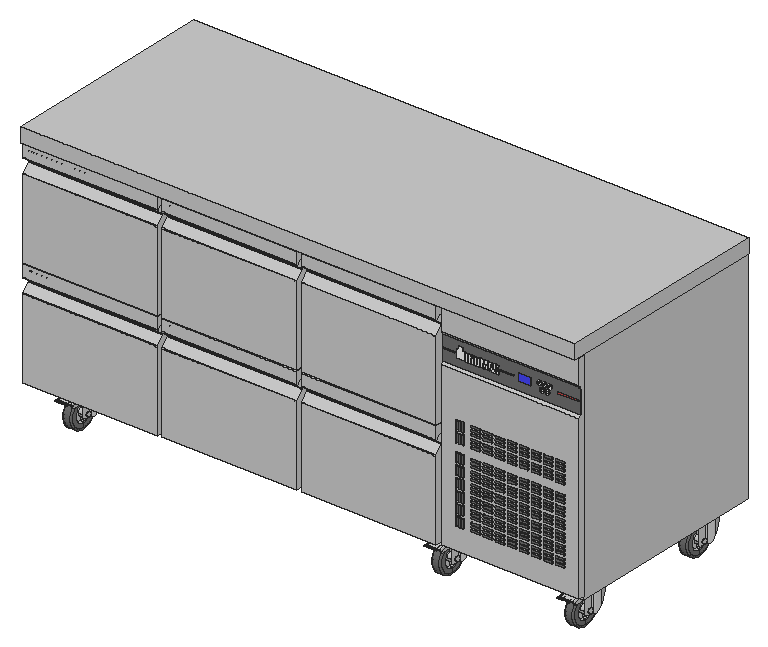
Revit family "QF_INOMAK_PNRP999_250513020157", category Specialty Equipment, Revit 2021
Family settings
  Round Connector Dimension = Use Diameter
  Part Type = Normal
  OmniClass Number = 23.40.40.14
  OmniClass Title = Food Service Equipment
  Work Plane-Based = No
  Always vertical = Yes
  Cut with Voids When Loaded = No
  Shared = No
  Room Calculation Point = No
Parameters (values of type "PNRP999")
  Weight [instance] = 133.00 kg
  Warranty Start Date [instance] = ""
  Warranty Duration [instance] = ""
  Volts [instance] = 230 V
  Volt Free Conn [instance] = no
  URL Recommended Spares List [instance] = ""
  URL Manufacturer [instance] = ""
  URL Cutsheet [instance] = ""
  URL Critical Spares List [instance] = ""
  URL = "www.inomak.com"
  Technical Documentation [instance] = ""
  Tag Number [instance] = ""
  Status [instance] = ""
  Start Up Current [instance] = 0 A
  Specification by User [instance] = ""
  Specification by Manufacturer [instance] = ""
  Sound Level [instance] = ""
  Show Logo [instance] = yes
  Show Clearances [instance] = yes
  Service Life Duration [instance] = ""
  Serial Number [instance] = ""
  Seismic Rating [instance] = ""
  SMACNA No [instance] = ""
  Revision Code [instance] = ""
  Revision [instance] = ""
  Production Year [instance] = ""
  Potential Equalisation [instance] = no
  Point Load [instance] = 0
  Phase [instance] = 1
  Other Equipment Approvals [instance] = ""
  Operational Current [instance] = 0 A
  Number of Poles [instance] = 2
  No Load Power Draw [instance] = no
  NAFEM Spec ID Number [instance] = ""
  Model Warning [instance] = ""
  Model = "PNRP999"
  Min Ckt Ampacity [instance] = 0 A
  Max Overcurrent Protection [instance] = 10 A
  Masterspec [instance] = ""
  Manufacturer = "INOMAK"
  Main switch integrated [instance] = no
  Length Actual [instance] = 1792 mm
  Item Number [instance] = ""
  Installed By [instance] = ""
  Installation Date [instance] = ""
  Identify Quantity as Lot [instance] = no
  ID [instance] = ""
  Hygiene Approval [instance] = ""
  Height Actual [instance] = 900 mm
  HP power [instance] = ""
  Furnished By [instance] = ""
  Foodservice Equipment Identifier [instance] = no
  FL Amps [instance] = 1.49 A
  Electrical Remarks [instance] = ""
  Electric power [instance] = 340 W
  Electric Connection Type [instance] = ""
  Elec Conn RI Height [instance] = 0 mm
  Elec Conn Connection Height [instance] = 0 mm
  ETL Approved [instance] = no
  Description = "PINE REFRIGERATED COUNTER WITH 3 GN 1/1 DOORS"
  Depth Actual [instance] = 700 mm
  Default Elevation = 0 mm
  Cycle [instance] = 50 Hz
  Cost = 0
  Connection to energy optimisation system [instance] = yes
  Conn Plug [instance] = ""
  Conn Conduit [instance] = no
  Centralized building control system with digital interface [instance] = ""
  CSI MasterFormat [instance] = ""
  CE Approved [instance] = no
  Barcode [instance] = 0
  Author [instance] = ""
  Asset Identifier [instance] = ""
  Apparent Power [instance] = 340 VA
  Accessory [instance] = no
Reference planes
  plane 1 "Center (Front/Back)": y = 0
  plane 2: z = 0
  plane 3 "Center (Left/Right)": x = 0
Forms (mm)
  Extrusion 1, solid, not visible
    sketch origin (1385.068, -100.005, 132.006) x (1, 0, 0) y (0, 1, 0)
      loop
        line (-2, 2) -> (-2, -2) -> (2, -2) -> (2, 2) -> (-2, 2)
    from -2 to 2
Dimensions and locks
  locked: nested 2 to Extrusion 1 at 2  (x2)
  aligned and locked: level to plane 2
Nested families
  nested 1: "QF_INOMAK_REF_COUNTERS_1790_2920" at (0, 0, 130), type "PNRP999"
    with Weight 133.00 kg, Warranty Start Date "", Warranty Duration "", URL Cutsheet "", Technical Documentation "", Tag Number "", Status "", Specification by User "", Specification by Manufacturer "", Sound Level "", Solid Fuel Type "", Show Clearances yes, Show Clearance yes, Service Life Duration "", Serial Number "", Seismic Rating "", SMACNA No "", Revision Code "", Revision "", Production Year "", Point Load 0, Other Equipment Approvals "", NAFEM Spec ID Number "", Model Warning "", Masterspec "", Length Actual 1792 mm, Item Number "", Installed By "", Installation Date "", Identify Quantity as Lot yes, ID "", Hygiene Approval "", Height Actual 900 mm, Furnished By "", Foodservice Equipment Identifier yes, Finish none, ETL Approved yes, Depth Actual 700 mm, CSI MasterFormat "", CE Approved yes, Barcode "", Author "", Asset Identifier "", Accessory no
  nested 2: "CONN_POINT_ELE_2D___Generic_Annotation" at (1385.068, -100.005, 130.006), type "CONN_POINT_ELE_2D___Generic_Annotation"
    with Onboard connection annotation symbol visibility yes
  nested 3: "QF_INOMAK_REF_COUNTERS_DOORS_DRAWERS_6956" at (0, -700, 130), type "DW-2-710"
    with Weight 0.00 kg, Warranty Start Date "", Warranty Duration "", URL Cutsheet "", Top inset 10 mm, Technical Documentation "", Tag Number "", Status "", Specification by User "", Specification by Manufacturer "", Sound Level "", Solid Fuel Type "", Show Logo yes, Show Clearances yes, Service Life Duration "", Serial Number "", Seismic Rating "", SMACNA No "", Right panel thickness 0 mm, Revision Code "", Revision "", Rear inset 0 mm, Production Year "", Point Load 0, Plinth height 0 mm, Other Equipment Approvals "", NAFEM Spec ID Number "", Model Warning "", Masterspec "", Length Actual 435 mm, Left panel thickness 0 mm, Item Number "", Installed By "", Installation Date "", Identify Quantity as Lot yes, ID "", Hygiene Approval "", Height Actual 710 mm, Furnished By "", Front inset 10 mm, Foodservice Equipment Identifier yes, Finish none, ETL Approved yes, Doors drawers type 4, Depth Actual 80 mm, CSI MasterFormat "", CE Approved yes, Bottom inset 10 mm, Barcode "", Author "", Asset Identifier "", Accessory yes
  nested 4: "QF_INOMAK_REF_COUNTERS_DOORS_DRAWERS_16448" at (450, -700, 130), type "DW-2-710"
    with Weight 0.00 kg, Warranty Start Date "", Warranty Duration "", URL Cutsheet "", Top inset 10 mm, Technical Documentation "", Tag Number "", Status "", Specification by User "", Specification by Manufacturer "", Sound Level "", Solid Fuel Type "", Show Logo yes, Show Clearances yes, Service Life Duration "", Serial Number "", Seismic Rating "", SMACNA No "", Right panel thickness 0 mm, Revision Code "", Revision "", Rear inset 0 mm, Production Year "", Point Load 0, Plinth height 0 mm, Other Equipment Approvals "", NAFEM Spec ID Number "", Model Warning "", Masterspec "", Length Actual 435 mm, Left panel thickness 0 mm, Item Number "", Installed By "", Installation Date "", Identify Quantity as Lot yes, ID "", Hygiene Approval "", Height Actual 710 mm, Furnished By "", Front inset 10 mm, Foodservice Equipment Identifier yes, Finish none, ETL Approved yes, Doors drawers type 4, Depth Actual 80 mm, CSI MasterFormat "", CE Approved yes, Bottom inset 10 mm, Barcode "", Author "", Asset Identifier "", Accessory yes
  nested 5: "QF_INOMAK_REF_COUNTERS_DOORS_DRAWERS_25919" at (900, -700, 130), type "DW-2-710"
    with Weight 0.00 kg, Warranty Start Date "", Warranty Duration "", URL Cutsheet "", Top inset 10 mm, Technical Documentation "", Tag Number "", Status "", Specification by User "", Specification by Manufacturer "", Sound Level "", Solid Fuel Type "", Show Logo yes, Show Clearances yes, Service Life Duration "", Serial Number "", Seismic Rating "", SMACNA No "", Right panel thickness 0 mm, Revision Code "", Revision "", Rear inset 0 mm, Production Year "", Point Load 0, Plinth height 0 mm, Other Equipment Approvals "", NAFEM Spec ID Number "", Model Warning "", Masterspec "", Length Actual 435 mm, Left panel thickness 0 mm, Item Number "", Installed By "", Installation Date "", Identify Quantity as Lot yes, ID "", Hygiene Approval "", Height Actual 710 mm, Furnished By "", Front inset 10 mm, Foodservice Equipment Identifier yes, Finish none, ETL Approved yes, Doors drawers type 4, Depth Actual 80 mm, CSI MasterFormat "", CE Approved yes, Bottom inset 10 mm, Barcode "", Author "", Asset Identifier "", Accessory yes
  nested 6: "QF_INOMAK_REF_COUNTERS_WORKTOPS_35390" at (0, 0, 840), type "WTWT-1790-700"
    with Worktop without backsplash yes, Worktop with backsplash no, Worktop type 3, Worktop thickness 46 mm, Without worktop no, Weight 0.00 kg, Warranty Start Date "", Warranty Duration "", URL Cutsheet "", Technical Documentation "", Tag Number "", Status "", Specification by User "", Specification by Manufacturer "", Sound Level "", Solid Fuel Type "", Show Logo yes, Show Clearances yes, Service Life Duration "", Serial Number "", Seismic Rating "", SMACNA No "", Revision Code "", Revision "", Production Year "", Point Load 0, Other Equipment Approvals "", NAFEM Spec ID Number "", Model Warning "", Masterspec "", Length Actual 1792 mm, Item Number "", Installed By "", Installation Date "", Identify Quantity as Lot yes, ID "", Hygiene Approval "", Height Actual 46 mm, Height AFF 0 mm, Furnished By "", Foodservice Equipment Identifier yes, Finish none, ETL Approved yes, Depth Actual 700 mm, CSI MasterFormat "", CE Approved yes, Barcode "", Backsplash thickness 20 mm, Backsplash height 60 mm, Author "", Asset Identifier "", Accessory yes
  nested 7: "QF_INOMAK_REF_COUNTERS_CASTORS_37217" at (0, 0, 0), type "CT-1790-700"
    with Weight 0.00 kg, Warranty Start Date "", Warranty Duration "", URL Cutsheet "", Technical Documentation "", Tag Number "", Status "", Specification by User "", Specification by Manufacturer "", Sound Level "", Solid Fuel Type "", Show Logo yes, Show Clearances yes, Service Life Duration "", Serial Number "", Seismic Rating "", SMACNA No "", Revision Code "", Revision "", Production Year "", Point Load 0, Other Equipment Approvals "", NAFEM Spec ID Number "", Model Warning "", Masterspec "", Length Actual 1792 mm, Item Number "", Installed By "", Installation Date "", Identify Quantity as Lot yes, ID "", Hygiene Approval "", Height Actual 130 mm, Furnished By "", Foodservice Equipment Identifier yes, ETL Approved yes, Depth Actual 700 mm, CSI MasterFormat "", CE Approved yes, Barcode "", Author "", Asset Identifier "", Accessory yes
Connectors
  electrical at (1385.068, -100.005, 130.006), driven by "Apparent Power", driven by "Number of Poles", driven by "Volts"
    settings: on Extrusion 1, index 1, voltage 230 V, apparent load 0 VA, apparent load phase1 340 VA, apparent load phase2 0 VA, apparent load phase3 0 VA, power factor 1, load classification "Other", number of poles 2, system type 31, power factor state 1, is connector primary yes, connector utility no, sub classification motor no, connector description "Electrical connection for PNRP999"
Definition of nested family "QF_INOMAK_REF_COUNTERS_1790_2920"
  Parameters (values of type "PMRP999")
    Weight [instance] = 0.00 kg
    Warranty Start Date [instance] = ""
    Warranty Duration [instance] = ""
    URL Cutsheet [instance] = ""
    URL = "www.inomak.com"
    Technical Documentation [instance] = ""
    Tag Number [instance] = ""
    Status [instance] = ""
    Specification by User [instance] = ""
    Specification by Manufacturer [instance] = ""
    Sound Level [instance] = ""
    Solid Fuel Type [instance] = ""
    Show Logo = yes
    Show Clearances [instance] = yes
    Show Clearance [instance] = yes
    Service Life Duration [instance] = ""
    Serial Number [instance] = ""
    Seismic Rating [instance] = ""
    SMACNA No [instance] = ""
    Revision Code [instance] = ""
    Revision [instance] = ""
    Production Year [instance] = ""
    Point Load [instance] = 0
    Other Equipment Approvals [instance] = ""
    NAFEM Spec ID Number [instance] = ""
    Model Warning [instance] = ""
    Model = "PMRP999"
    Masterspec [instance] = ""
    Manufacturer = "INOMAK"
    Length Actual [instance] = 0 mm
    Length = 1792 mm
    Item Number [instance] = ""
    Installed By [instance] = ""
    Installation Date [instance] = ""
    Identify Quantity as Lot [instance] = yes
    ID [instance] = ""
    Hygiene Approval [instance] = ""
    Height Actual [instance] = 0 mm
    Height = 710 mm
    Furnished By [instance] = ""
    Foodservice Equipment Identifier [instance] = yes
    Finish [instance] = none
    ETL Approved [instance] = yes
    Description = "CLOVER CHILLER COUNTER WITH 3 DOORS, COMPACT DIMENSIONS"
    Depth Actual [instance] = 0 mm
    Depth = 600 mm
    Default Elevation = 0 mm
    CSI MasterFormat [instance] = ""
    CE Approved [instance] = yes
    Barcode [instance] = ""
    Author [instance] = ""
    Asset Identifier [instance] = ""
    Assembly Code = "E1090320"
    Accessory [instance] = yes
  Types (2, lengths in mm): name | Model | Description | Depth
    PNRP999 | "PNRP999" | "PINE REFRIGERATED COUNTER WITH 3 GN 1/1 DOORS" | 700
    PMRP999 | "PMRP999" | "CLOVER CHILLER COUNTER WITH 3 DOORS, COMPACT DIMENSIONS" | 600
  Reference planes
    plane 1 "Back": y = 0
    plane 2: z = 0
    plane 3 "Left": x = 0
    plane 4 "Right": x = 1792
    plane 5 "Front": y = -600
    plane 6 "Top": z = 710
  Forms (mm)
    Extrusion 1, solid, material <- "Finish"
      sketch origin (0, 0, 0) x (1, 0, 0) y (0, 1, 0)
        loop
          line (0, -548) -> (30, -548) -> (30, -30) -> (1317, -30) -> (1317, -548) -> (1347, -548) -> (1347, -565) -> (1792, -565) -> (1792, 0) -> (0, 0) -> (0, -548)
      from 0 to 710
    Extrusion 2, solid, material <- "Finish"
      sketch origin (0, 0, 0) x (1, 0, 0) y (0, 1, 0)
        loop
          line (30, -30) -> (30, -548) -> (1317, -548) -> (1317, -30) -> (30, -30)
      from 0 to 45
    Extrusion 3, solid, material <- "Finish"
      sketch origin (0, 0, 710) x (0, 1, 0) y (-1, 0, 0)
        loop
          line (-30, -30) -> (-548, -30) -> (-548, -1317) -> (-30, -1317) -> (-30, -30)
      from 0 to -30
    Extrusion 4, solid, material <- "Finish"
      sketch origin (1792, 0, 0) x (0, -1, 0) y (0, 0, 1)
        loop
          line (583.05, 705) -> (565, 705) -> (565, 10) -> (583.05, 10) -> (583.05, 532.058) -> (576.05, 539.058) -> (576.05, 618.864) -> (583.05, 625.864) -> (583.05, 705)
      from 0 to 445
    Extrusion 5, solid
      sketch origin (0, -600, 0) x (-1, 0, 0) y (0, 0, 1)
        loop
          circle (-1658.654, 586.73) r 6.965
        loop
          circle (-1675.685, 586.73) r 6.965
        loop
          circle (-1692.694, 586.73) r 6.965
        loop
          circle (-1667.18, 568.729) r 6.965
        loop
          circle (-1684.189, 568.729) r 6.965
        loop
          circle (-1658.654, 586.73) r 3.965
        loop
          circle (-1675.685, 586.73) r 3.965
        loop
          circle (-1692.694, 586.73) r 3.965
        loop
          circle (-1667.18, 568.729) r 3.965
        loop
          circle (-1684.189, 568.729) r 3.965
      from 23 to 25.5
    Extrusion 6, solid
      sketch origin (0, -600, 0) x (-1, 0, 0) y (0, 0, 1)
        loop
          line (-1630.865, 590.461) -> (-1630.865, 567.461) -> (-1590.865, 567.461) -> (-1590.865, 590.461) -> (-1630.865, 590.461)
      from 23 to 25.5
    Extrusion 7, solid
      sketch origin (0, -600, 0) x (-1, 0, 0) y (0, 0, 1)
        loop
          line (-1347, 618.864) -> (-1792, 618.864) -> (-1792, 539.058) -> (-1347, 539.058) -> (-1347, 618.864)
      from 23.5 to 25.5
    Extrusion 8, solid, visible <- "Show Logo"
      sketch origin (0, -600, 0) x (-1, 0, 0) y (0, 0, 1)
        loop
          line (-1391.061, 591.01) -> (-1397.061, 591.01) -> (-1397.061, 602.118) -> (-1411.298, 602.118) -> (-1411.298, 591.01) -> (-1417.298, 591.01) -> (-1417.298, 564.76) -> (-1391.061, 564.76) -> (-1391.061, 591.01)
        loop
          line (-1421.613, 590.698) -> (-1428.903, 590.698) -> (-1428.903, 564.76) -> (-1421.613, 564.76) -> (-1421.613, 590.698)
        loop
          line (-1431.422, 564.76) -> (-1431.422, 590.698) -> (-1438.256, 590.698) -> (-1441.449, 578.78) -> (-1441.449, 590.698) -> (-1447.982, 590.698) -> (-1447.982, 564.76) -> (-1441.449, 564.76) -> (-1437.735, 578.623) -> (-1437.735, 564.76) -> (-1431.422, 564.76)
        loop
          line (-1468.664, 564.76) -> (-1468.664, 590.698) -> (-1477.626, 590.698) -> (-1479.988, 576.688) -> (-1482.35, 590.698) -> (-1491.312, 590.698) -> (-1491.312, 564.76) -> (-1484.687, 564.76) -> (-1484.687, 578.623) -> (-1482.35, 564.76) -> (-1477.626, 564.76) -> (-1475.289, 578.623) -> (-1475.289, 564.76) -> (-1468.664, 564.76)
        loop
          line (-1453.851, 590.698) -> (-1463.176, 590.698)
          arc (-1463.176, 590.698) -> (-1465.773, 589.622) -> (-1466.849, 587.026) r 3.672
          line (-1466.849, 587.026) -> (-1466.849, 568.433)
          arc (-1466.849, 568.433) -> (-1465.773, 565.836) -> (-1463.176, 564.76) r 3.672
          line (-1463.176, 564.76) -> (-1453.851, 564.76)
          arc (-1453.851, 564.76) -> (-1451.255, 565.836) -> (-1450.179, 568.433) r 3.672
          line (-1450.179, 568.433) -> (-1450.179, 587.026)
          arc (-1450.179, 587.026) -> (-1451.255, 589.622) -> (-1453.851, 590.698) r 3.672
        loop
          arc (-1457.487, 587.542) -> (-1458.514, 588.569) -> (-1459.541, 587.542) r 1.027
          line (-1459.541, 587.542) -> (-1459.541, 568.949)
          arc (-1459.541, 568.949) -> (-1458.514, 567.922) -> (-1457.487, 568.949) r 1.027
          line (-1457.487, 568.949) -> (-1457.487, 587.542)
        loop
          line (-1492.382, 564.76) -> (-1496.755, 590.698) -> (-1505.615, 590.698) -> (-1509.988, 564.76) -> (-1503.461, 564.76) -> (-1502.852, 569.723) -> (-1499.518, 569.723) -> (-1498.909, 564.76) -> (-1492.382, 564.76)
        loop
          line (-1500.074, 574.252) -> (-1501.185, 583.299) -> (-1502.296, 574.252) -> (-1500.074, 574.252)
        loop
          line (-1510.954, 564.76) -> (-1510.954, 590.698) -> (-1517.579, 590.698) -> (-1517.579, 581.585) -> (-1520.365, 590.698) -> (-1527.803, 590.698) -> (-1523.474, 579.422) -> (-1528.522, 564.76) -> (-1520.939, 564.76) -> (-1517.579, 577.3) -> (-1517.579, 564.76) -> (-1510.954, 564.76)
      from 23 to 25.5
    Extrusion 9, solid
      sketch origin (0, -600, 0) x (-1, 0, 0) y (0, 0, 1)
        loop
          line (-1347, 580.961) -> (-1383.995, 580.961) -> (-1383.995, 576.961) -> (-1347, 576.961) -> (-1347, 580.961)
        loop
          line (-1532, 580.961) -> (-1576.365, 580.961) -> (-1576.365, 576.961) -> (-1532, 576.961) -> (-1532, 580.961)
        loop
          line (-1792, 580.961) -> (-1792, 576.961) -> (-1718.755, 576.961) -> (-1718.755, 580.961) -> (-1792, 580.961)
      from 23 to 25.5
  Cuts and joins
    joined: Extrusion 1, Extrusion 2, Extrusion 3
  Lines and regions (mm)
    symbolic lines, visible <- "Show Clearance"
      curve 1: line (0, 0, 0) -> (1792, 0, 0)
      curve 2: line (1792, 0, 0) -> (1792, -600, 0)
      curve 3: line (1792, -600, 0) -> (0, -600, 0)
      curve 4: line (0, -600, 0) -> (0, 0, 0)
  Dimensions and locks
    "Length": plane 3 "Left" to plane 4 "Right"
    "Depth": plane 5 "Front" to plane 1 "Back"
    "Height": plane 6 "Top" to plane 2
    aligned and locked: level to plane 2
    aligned and locked: plane 6 "Top" to Extrusion 1
    aligned and locked: nested 1 to plane 4 "Right"
    aligned and locked: plane 5 "Front" to nested 1
    aligned and locked: plane 5 "Front" to curve 3
  Automatic sketch dimensions
    plane 3 "Left" to Extrusion 2 sketch curve = 30 mm
    plane 4 "Right" to Extrusion 2 sketch curve = 475 mm
    plane 1 "Back" to Extrusion 2 sketch curve = 30 mm
    plane 1 "Back" to Extrusion 3 sketch curve = 30 mm
    plane 4 "Right" to Extrusion 3 sketch curve = 475 mm
    plane 3 "Left" to Extrusion 3 sketch curve = 30 mm
    Extrusion 1 sketch curve to plane 3 "Left" = 0 mm
    plane 1 "Back" to Extrusion 1 sketch curve = 0 mm
    Extrusion 1 sketch curve to plane 4 "Right" = 0 mm
    plane 3 "Left" to Extrusion 1 sketch curve = 30 mm
    plane 1 "Back" to Extrusion 1 sketch curve = 30 mm
    plane 4 "Right" to Extrusion 1 sketch curve = 475 mm
    Extrusion 1 sketch curve to Extrusion 1 sketch curve = 30 mm
    plane 5 "Front" to Extrusion 1 sketch curve = 35 mm
    plane 5 "Front" to Extrusion 1 sketch curve = 52 mm
    Extrusion 1 sketch curve to Extrusion 1 sketch curve = 17 mm
    plane 5 "Front" to Extrusion 2 sketch curve = 52 mm
    plane 5 "Front" to Extrusion 3 sketch curve = 52 mm
    Extrusion 4 sketch curve to plane 6 "Top" = 5 mm
    plane 5 "Front" to Extrusion 4 sketch curve = 35 mm
    plane 5 "Front" to Extrusion 4 sketch curve = 23.95 mm
    Extrusion 4 sketch curve to Extrusion 4 sketch curve = 7 mm  (x4)
    Extrusion 4 sketch curve to Extrusion 4 sketch curve = 79.136 mm
    Extrusion 4 sketch curve to Extrusion 4 sketch curve = 79.807 mm
    level to Extrusion 4 sketch curve = 10 mm
    Extrusion 5 sketch curve to Extrusion 5 sketch curve = 0 mm  (x13)
    plane 4 "Right" to Extrusion 5 sketch curve = 99.306 mm
    Extrusion 5 sketch curve to Extrusion 5 sketch curve = 8.505 mm
    Extrusion 5 sketch curve to Extrusion 5 sketch curve = 17.009 mm  (x2)
    Extrusion 5 sketch curve to Extrusion 5 sketch curve = 17.03 mm
    Extrusion 5 sketch curve to plane 6 "Top" = 141.271 mm
    Extrusion 5 sketch curve to Extrusion 5 sketch curve = 18.001 mm
    plane 4 "Right" to Extrusion 6 sketch curve = 161.135 mm
    Extrusion 6 sketch curve to Extrusion 6 sketch curve = 40 mm
    Extrusion 6 sketch curve to plane 6 "Top" = 142.539 mm
    Extrusion 6 sketch curve to Extrusion 6 sketch curve = 23 mm
    plane 4 "Right" to Extrusion 7 sketch curve = 0 mm
    Extrusion 7 sketch curve to plane 6 "Top" = 170.942 mm
    plane 4 "Right" to Extrusion 7 sketch curve = 445 mm
    Extrusion 7 sketch curve to Extrusion 7 sketch curve = 79.807 mm
    plane 4 "Right" to Extrusion 8 sketch curve = 263.478 mm
    Extrusion 8 sketch curve to Extrusion 8 sketch curve = 0.72 mm
    Extrusion 8 sketch curve to plane 6 "Top" = 130.578 mm
    Extrusion 8 sketch curve to Extrusion 8 sketch curve = 4.329 mm
    Extrusion 8 sketch curve to Extrusion 8 sketch curve = 7.584 mm
    Extrusion 8 sketch curve to plane 6 "Top" = 119.302 mm  (x2)
    Extrusion 8 sketch curve to Extrusion 8 sketch curve = 7.438 mm
    Extrusion 8 sketch curve to plane 6 "Top" = 132.7 mm
    Extrusion 8 sketch curve to Extrusion 8 sketch curve = 5.895 mm
    Extrusion 8 sketch curve to plane 6 "Top" = 128.415 mm
    Extrusion 8 sketch curve to Extrusion 8 sketch curve = 0 mm  (x11)
    Extrusion 8 sketch curve to Extrusion 8 sketch curve = 6.625 mm  (x2)
    Extrusion 8 sketch curve to Extrusion 8 sketch curve = 0.965 mm
    Extrusion 8 sketch curve to Extrusion 8 sketch curve = 5.338 mm
    Extrusion 8 sketch curve to Extrusion 8 sketch curve = 6.527 mm  (x2)
    Extrusion 8 sketch curve to plane 6 "Top" = 140.277 mm
    Extrusion 8 sketch curve to Extrusion 8 sketch curve = 0.609 mm
    Extrusion 8 sketch curve to plane 6 "Top" = 135.748 mm
    Extrusion 8 sketch curve to Extrusion 8 sketch curve = 0.556 mm
    Extrusion 8 sketch curve to plane 6 "Top" = 126.701 mm
    Extrusion 8 sketch curve to Extrusion 8 sketch curve = 4.43 mm  (x2)
    Extrusion 8 sketch curve to Extrusion 8 sketch curve = 2.222 mm
    Extrusion 8 sketch curve to Extrusion 8 sketch curve = 3.334 mm
    Extrusion 8 sketch curve to Extrusion 8 sketch curve = 4.552 mm
    Extrusion 8 sketch curve to plane 6 "Top" = 145.24 mm  (x2)
    Extrusion 8 sketch curve to Extrusion 8 sketch curve = 1.069 mm
    Extrusion 8 sketch curve to plane 6 "Top" = 131.377 mm  (x2)
    Extrusion 8 sketch curve to Extrusion 8 sketch curve = 8.962 mm  (x2)
    Extrusion 8 sketch curve to Extrusion 8 sketch curve = 2.337 mm
    Extrusion 8 sketch curve to plane 6 "Top" = 133.312 mm
    Extrusion 8 sketch curve to Extrusion 8 sketch curve = 4.699 mm  (x2)
    Extrusion 8 sketch curve to Extrusion 8 sketch curve = 4.724 mm  (x2)
    Extrusion 8 sketch curve to Extrusion 8 sketch curve = 1.815 mm
    Extrusion 8 sketch curve to Extrusion 8 sketch curve = 3.672 mm  (x8)
    Extrusion 8 sketch curve to Extrusion 8 sketch curve = 3.636 mm  (x3)
    Extrusion 8 sketch curve to Extrusion 8 sketch curve = 1.027 mm
    Extrusion 8 sketch curve to Extrusion 8 sketch curve = 2.197 mm
    Extrusion 8 sketch curve to Extrusion 8 sketch curve = 6.532 mm  (x2)
    Extrusion 8 sketch curve to Extrusion 8 sketch curve = 3.194 mm
    Extrusion 8 sketch curve to Extrusion 8 sketch curve = 3.714 mm
    Extrusion 8 sketch curve to Extrusion 8 sketch curve = 6.313 mm
    Extrusion 8 sketch curve to Extrusion 8 sketch curve = 2.52 mm
    Extrusion 8 sketch curve to Extrusion 8 sketch curve = 7.29 mm
    Extrusion 8 sketch curve to Extrusion 8 sketch curve = 4.315 mm
    Extrusion 8 sketch curve to Extrusion 8 sketch curve = 6 mm
    Extrusion 8 sketch curve to Extrusion 8 sketch curve = 14.237 mm
    Extrusion 8 sketch curve to Extrusion 8 sketch curve = 26.237 mm
    Extrusion 8 sketch curve to Extrusion 8 sketch curve = 14.661 mm
    Extrusion 8 sketch curve to Extrusion 8 sketch curve = 4.963 mm
    Extrusion 8 sketch curve to Extrusion 8 sketch curve = 0.516 mm  (x2)
    Extrusion 8 sketch curve to Extrusion 8 sketch curve = 13.862 mm
    Extrusion 8 sketch curve to Extrusion 8 sketch curve = 0.157 mm
    Extrusion 8 sketch curve to Extrusion 8 sketch curve = 26.25 mm
    Extrusion 8 sketch curve to Extrusion 8 sketch curve = 0.312 mm
    Extrusion 8 sketch curve to Extrusion 8 sketch curve = 11.107 mm
    plane 4 "Right" to Extrusion 9 sketch curve = 0 mm
    plane 4 "Right" to Extrusion 9 sketch curve = 73.245 mm
    Extrusion 9 sketch curve to Extrusion 9 sketch curve = 142.39 mm
    Extrusion 9 sketch curve to Extrusion 9 sketch curve = 44.365 mm
    Extrusion 9 sketch curve to Extrusion 9 sketch curve = 148.005 mm
    Extrusion 9 sketch curve to Extrusion 9 sketch curve = 36.995 mm
    Extrusion 9 sketch curve to plane 6 "Top" = 133.039 mm  (x3)
    Extrusion 9 sketch curve to Extrusion 9 sketch curve = 4 mm  (x3)
    plane 1 "Back" to curve 1 = 0 mm
    curve 1 to plane 3 "Left" = 0 mm
    curve 2 to plane 4 "Right" = 0 mm
    radius of Extrusion 5 sketch curve = 6.965 mm  (x5)
    radius of Extrusion 5 sketch curve = 3.965 mm  (x5)
  Nested families
    nested 1: "QF_INOMAK_CONRTOL-PANEL" at (1792, 100, 0), type "PNRP9999"
      with Show Clearance yes
  Definition of nested family "QF_INOMAK_CONRTOL-PANEL"
    Parameters (values of type "PNRP9999")
      URL = ""
      Show Logo = yes
      Show Clearance [instance] = yes
      Model = ""
      Manufacturer = ""
      Length = 0 mm
      Height = 710 mm
      Front offset = 80 mm
      Description = ""
      Depth = 700 mm
      Default Elevation = 0 mm
      Assembly Code = ""
    Reference planes
      plane 1 "Back": y = 0
      plane 2: z = 0
      plane 3 "Left": x = 0
      plane 4 "Right": x = 0
      plane 5 "Front": y = -700
      plane 6 "Top": z = 710
      plane 7 "Front offset": y = -620
    Forms (mm)
      Extrusion 1, solid
        sketch origin (-2240, -700, 0) x (-1, 0, 0) y (0, 0, 1)
          loop
            arc (-2191.4, 389.855) -> (-2194.4, 386.855) -> (-2191.4, 383.855) r 3
            line (-2191.4, 383.855) -> (-2167.4, 383.855)
            arc (-2167.4, 383.855) -> (-2164.4, 386.855) -> (-2167.4, 389.855) r 3
            line (-2167.4, 389.855) -> (-2191.4, 389.855)
          loop
            arc (-2152.4, 389.855) -> (-2155.4, 386.855) -> (-2152.4, 383.855) r 3
            line (-2152.4, 383.855) -> (-2128.4, 383.855)
            arc (-2128.4, 383.855) -> (-2125.4, 386.855) -> (-2128.4, 389.855) r 3
            line (-2128.4, 389.855) -> (-2152.4, 389.855)
          loop
            arc (-2113.4, 389.855) -> (-2116.4, 386.855) -> (-2113.4, 383.855) r 3
            line (-2113.4, 383.855) -> (-2089.4, 383.855)
            arc (-2089.4, 383.855) -> (-2086.4, 386.855) -> (-2089.4, 389.855) r 3
            line (-2089.4, 389.855) -> (-2113.4, 389.855)
          loop
            arc (-2074.4, 389.855) -> (-2077.4, 386.855) -> (-2074.4, 383.855) r 3
            line (-2074.4, 383.855) -> (-2050.4, 383.855)
            arc (-2050.4, 383.855) -> (-2047.4, 386.855) -> (-2050.4, 389.855) r 3
            line (-2050.4, 389.855) -> (-2074.4, 389.855)
          loop
            arc (-2035.4, 389.855) -> (-2038.4, 386.855) -> (-2035.4, 383.855) r 3
            line (-2035.4, 383.855) -> (-2011.4, 383.855)
            arc (-2011.4, 383.855) -> (-2008.4, 386.855) -> (-2011.4, 389.855) r 3
            line (-2011.4, 389.855) -> (-2035.4, 389.855)
          loop
            arc (-1996.4, 389.855) -> (-1999.4, 386.855) -> (-1996.4, 383.855) r 3
            line (-1996.4, 383.855) -> (-1972.4, 383.855)
            arc (-1972.4, 383.855) -> (-1969.4, 386.855) -> (-1972.4, 389.855) r 3
            line (-1972.4, 389.855) -> (-1996.4, 389.855)
          loop
            arc (-1957.4, 389.855) -> (-1960.4, 386.855) -> (-1957.4, 383.855) r 3
            line (-1957.4, 383.855) -> (-1933.4, 383.855)
            arc (-1933.4, 383.855) -> (-1930.4, 386.855) -> (-1933.4, 389.855) r 3
            line (-1933.4, 389.855) -> (-1957.4, 389.855)
          loop
            arc (-1918.4, 389.855) -> (-1921.4, 386.855) -> (-1918.4, 383.855) r 3
            line (-1918.4, 383.855) -> (-1894.4, 383.855)
            arc (-1894.4, 383.855) -> (-1891.4, 386.855) -> (-1894.4, 389.855) r 3
            line (-1894.4, 389.855) -> (-1918.4, 389.855)
          loop
            arc (-2191.4, 378.855) -> (-2194.4, 375.855) -> (-2191.4, 372.855) r 3
            line (-2191.4, 372.855) -> (-2167.4, 372.855)
            arc (-2167.4, 372.855) -> (-2164.4, 375.855) -> (-2167.4, 378.855) r 3
            line (-2167.4, 378.855) -> (-2191.4, 378.855)
          loop
            arc (-2152.4, 378.855) -> (-2155.4, 375.855) -> (-2152.4, 372.855) r 3
            line (-2152.4, 372.855) -> (-2128.4, 372.855)
            arc (-2128.4, 372.855) -> (-2125.4, 375.855) -> (-2128.4, 378.855) r 3
            line (-2128.4, 378.855) -> (-2152.4, 378.855)
          loop
            arc (-2113.4, 378.855) -> (-2116.4, 375.855) -> (-2113.4, 372.855) r 3
            line (-2113.4, 372.855) -> (-2089.4, 372.855)
            arc (-2089.4, 372.855) -> (-2086.4, 375.855) -> (-2089.4, 378.855) r 3
            line (-2089.4, 378.855) -> (-2113.4, 378.855)
          loop
            arc (-2074.4, 378.855) -> (-2077.4, 375.855) -> (-2074.4, 372.855) r 3
            line (-2074.4, 372.855) -> (-2050.4, 372.855)
            arc (-2050.4, 372.855) -> (-2047.4, 375.855) -> (-2050.4, 378.855) r 3
            line (-2050.4, 378.855) -> (-2074.4, 378.855)
          loop
            arc (-2035.4, 378.855) -> (-2038.4, 375.855) -> (-2035.4, 372.855) r 3
            line (-2035.4, 372.855) -> (-2011.4, 372.855)
            arc (-2011.4, 372.855) -> (-2008.4, 375.855) -> (-2011.4, 378.855) r 3
            line (-2011.4, 378.855) -> (-2035.4, 378.855)
          loop
            arc (-1996.4, 378.855) -> (-1999.4, 375.855) -> (-1996.4, 372.855) r 3
            line (-1996.4, 372.855) -> (-1972.4, 372.855)
            arc (-1972.4, 372.855) -> (-1969.4, 375.855) -> (-1972.4, 378.855) r 3
            line (-1972.4, 378.855) -> (-1996.4, 378.855)
          loop
            arc (-1957.4, 378.855) -> (-1960.4, 375.855) -> (-1957.4, 372.855) r 3
            line (-1957.4, 372.855) -> (-1933.4, 372.855)
            arc (-1933.4, 372.855) -> (-1930.4, 375.855) -> (-1933.4, 378.855) r 3
            line (-1933.4, 378.855) -> (-1957.4, 378.855)
          loop
            arc (-1918.4, 378.855) -> (-1921.4, 375.855) -> (-1918.4, 372.855) r 3
            line (-1918.4, 372.855) -> (-1894.4, 372.855)
            arc (-1894.4, 372.855) -> (-1891.4, 375.855) -> (-1894.4, 378.855) r 3
            line (-1894.4, 378.855) -> (-1918.4, 378.855)
          loop
            arc (-2191.4, 367.855) -> (-2194.4, 364.855) -> (-2191.4, 361.855) r 3
            line (-2191.4, 361.855) -> (-2167.4, 361.855)
            arc (-2167.4, 361.855) -> (-2164.4, 364.855) -> (-2167.4, 367.855) r 3
            line (-2167.4, 367.855) -> (-2191.4, 367.855)
          loop
            arc (-2152.4, 367.855) -> (-2155.4, 364.855) -> (-2152.4, 361.855) r 3
            line (-2152.4, 361.855) -> (-2128.4, 361.855)
            arc (-2128.4, 361.855) -> (-2125.4, 364.855) -> (-2128.4, 367.855) r 3
            line (-2128.4, 367.855) -> (-2152.4, 367.855)
          loop
            arc (-2113.4, 367.855) -> (-2116.4, 364.855) -> (-2113.4, 361.855) r 3
            line (-2113.4, 361.855) -> (-2089.4, 361.855)
            arc (-2089.4, 361.855) -> (-2086.4, 364.855) -> (-2089.4, 367.855) r 3
            line (-2089.4, 367.855) -> (-2113.4, 367.855)
          loop
            arc (-2074.4, 367.855) -> (-2077.4, 364.855) -> (-2074.4, 361.855) r 3
            line (-2074.4, 361.855) -> (-2050.4, 361.855)
            arc (-2050.4, 361.855) -> (-2047.4, 364.855) -> (-2050.4, 367.855) r 3
            line (-2050.4, 367.855) -> (-2074.4, 367.855)
          loop
            arc (-2035.4, 367.855) -> (-2038.4, 364.855) -> (-2035.4, 361.855) r 3
            line (-2035.4, 361.855) -> (-2011.4, 361.855)
            arc (-2011.4, 361.855) -> (-2008.4, 364.855) -> (-2011.4, 367.855) r 3
            line (-2011.4, 367.855) -> (-2035.4, 367.855)
          loop
            arc (-1996.4, 367.855) -> (-1999.4, 364.855) -> (-1996.4, 361.855) r 3
            line (-1996.4, 361.855) -> (-1972.4, 361.855)
            arc (-1972.4, 361.855) -> (-1969.4, 364.855) -> (-1972.4, 367.855) r 3
            line (-1972.4, 367.855) -> (-1996.4, 367.855)
          loop
            arc (-1957.4, 367.855) -> (-1960.4, 364.855) -> (-1957.4, 361.855) r 3
            line (-1957.4, 361.855) -> (-1933.4, 361.855)
            arc (-1933.4, 361.855) -> (-1930.4, 364.855) -> (-1933.4, 367.855) r 3
            line (-1933.4, 367.855) -> (-1957.4, 367.855)
          loop
            arc (-1918.4, 367.855) -> (-1921.4, 364.855) -> (-1918.4, 361.855) r 3
            line (-1918.4, 361.855) -> (-1894.4, 361.855)
            arc (-1894.4, 361.855) -> (-1891.4, 364.855) -> (-1894.4, 367.855) r 3
            line (-1894.4, 367.855) -> (-1918.4, 367.855)
          loop
            arc (-2191.4, 352.855) -> (-2194.4, 349.855) -> (-2191.4, 346.855) r 3
            line (-2191.4, 346.855) -> (-2167.4, 346.855)
            arc (-2167.4, 346.855) -> (-2164.4, 349.855) -> (-2167.4, 352.855) r 3
            line (-2167.4, 352.855) -> (-2191.4, 352.855)
          loop
            arc (-2152.4, 352.855) -> (-2155.4, 349.855) -> (-2152.4, 346.855) r 3
            line (-2152.4, 346.855) -> (-2128.4, 346.855)
            arc (-2128.4, 346.855) -> (-2125.4, 349.855) -> (-2128.4, 352.855) r 3
            line (-2128.4, 352.855) -> (-2152.4, 352.855)
          loop
            arc (-2113.4, 352.855) -> (-2116.4, 349.855) -> (-2113.4, 346.855) r 3
            line (-2113.4, 346.855) -> (-2089.4, 346.855)
            arc (-2089.4, 346.855) -> (-2086.4, 349.855) -> (-2089.4, 352.855) r 3
            line (-2089.4, 352.855) -> (-2113.4, 352.855)
          loop
            arc (-2074.4, 352.855) -> (-2077.4, 349.855) -> (-2074.4, 346.855) r 3
            line (-2074.4, 346.855) -> (-2050.4, 346.855)
            arc (-2050.4, 346.855) -> (-2047.4, 349.855) -> (-2050.4, 352.855) r 3
            line (-2050.4, 352.855) -> (-2074.4, 352.855)
          loop
            arc (-2035.4, 352.855) -> (-2038.4, 349.855) -> (-2035.4, 346.855) r 3
            line (-2035.4, 346.855) -> (-2011.4, 346.855)
            arc (-2011.4, 346.855) -> (-2008.4, 349.855) -> (-2011.4, 352.855) r 3
            line (-2011.4, 352.855) -> (-2035.4, 352.855)
          loop
            arc (-1996.4, 352.855) -> (-1999.4, 349.855) -> (-1996.4, 346.855) r 3
            line (-1996.4, 346.855) -> (-1972.4, 346.855)
            arc (-1972.4, 346.855) -> (-1969.4, 349.855) -> (-1972.4, 352.855) r 3
            line (-1972.4, 352.855) -> (-1996.4, 352.855)
          loop
            arc (-1957.4, 352.855) -> (-1960.4, 349.855) -> (-1957.4, 346.855) r 3
            line (-1957.4, 346.855) -> (-1933.4, 346.855)
            arc (-1933.4, 346.855) -> (-1930.4, 349.855) -> (-1933.4, 352.855) r 3
            line (-1933.4, 352.855) -> (-1957.4, 352.855)
          loop
            arc (-1918.4, 352.855) -> (-1921.4, 349.855) -> (-1918.4, 346.855) r 3
            line (-1918.4, 346.855) -> (-1894.4, 346.855)
            arc (-1894.4, 346.855) -> (-1891.4, 349.855) -> (-1894.4, 352.855) r 3
            line (-1894.4, 352.855) -> (-1918.4, 352.855)
          loop
            arc (-2191.4, 341.855) -> (-2194.4, 338.855) -> (-2191.4, 335.855) r 3
            line (-2191.4, 335.855) -> (-2167.4, 335.855)
            arc (-2167.4, 335.855) -> (-2164.4, 338.855) -> (-2167.4, 341.855) r 3
            line (-2167.4, 341.855) -> (-2191.4, 341.855)
          loop
            arc (-2152.4, 341.855) -> (-2155.4, 338.855) -> (-2152.4, 335.855) r 3
            line (-2152.4, 335.855) -> (-2128.4, 335.855)
            arc (-2128.4, 335.855) -> (-2125.4, 338.855) -> (-2128.4, 341.855) r 3
            line (-2128.4, 341.855) -> (-2152.4, 341.855)
          loop
            arc (-2113.4, 341.855) -> (-2116.4, 338.855) -> (-2113.4, 335.855) r 3
            line (-2113.4, 335.855) -> (-2089.4, 335.855)
            arc (-2089.4, 335.855) -> (-2086.4, 338.855) -> (-2089.4, 341.855) r 3
            line (-2089.4, 341.855) -> (-2113.4, 341.855)
          loop
            arc (-2074.4, 341.855) -> (-2077.4, 338.855) -> (-2074.4, 335.855) r 3
            line (-2074.4, 335.855) -> (-2050.4, 335.855)
            arc (-2050.4, 335.855) -> (-2047.4, 338.855) -> (-2050.4, 341.855) r 3
            line (-2050.4, 341.855) -> (-2074.4, 341.855)
          loop
            arc (-2035.4, 341.855) -> (-2038.4, 338.855) -> (-2035.4, 335.855) r 3
            line (-2035.4, 335.855) -> (-2011.4, 335.855)
            arc (-2011.4, 335.855) -> (-2008.4, 338.855) -> (-2011.4, 341.855) r 3
            line (-2011.4, 341.855) -> (-2035.4, 341.855)
          loop
            arc (-1996.4, 341.855) -> (-1999.4, 338.855) -> (-1996.4, 335.855) r 3
            line (-1996.4, 335.855) -> (-1972.4, 335.855)
            arc (-1972.4, 335.855) -> (-1969.4, 338.855) -> (-1972.4, 341.855) r 3
            line (-1972.4, 341.855) -> (-1996.4, 341.855)
          loop
            arc (-1957.4, 341.855) -> (-1960.4, 338.855) -> (-1957.4, 335.855) r 3
            line (-1957.4, 335.855) -> (-1933.4, 335.855)
            arc (-1933.4, 335.855) -> (-1930.4, 338.855) -> (-1933.4, 341.855) r 3
            line (-1933.4, 341.855) -> (-1957.4, 341.855)
          loop
            arc (-1918.4, 341.855) -> (-1921.4, 338.855) -> (-1918.4, 335.855) r 3
            line (-1918.4, 335.855) -> (-1894.4, 335.855)
            arc (-1894.4, 335.855) -> (-1891.4, 338.855) -> (-1894.4, 341.855) r 3
            line (-1894.4, 341.855) -> (-1918.4, 341.855)
          loop
            arc (-2191.4, 330.855) -> (-2194.4, 327.855) -> (-2191.4, 324.855) r 3
            line (-2191.4, 324.855) -> (-2167.4, 324.855)
            arc (-2167.4, 324.855) -> (-2164.4, 327.855) -> (-2167.4, 330.855) r 3
            line (-2167.4, 330.855) -> (-2191.4, 330.855)
          loop
            arc (-2152.4, 330.855) -> (-2155.4, 327.855) -> (-2152.4, 324.855) r 3
            line (-2152.4, 324.855) -> (-2128.4, 324.855)
            arc (-2128.4, 324.855) -> (-2125.4, 327.855) -> (-2128.4, 330.855) r 3
            line (-2128.4, 330.855) -> (-2152.4, 330.855)
          loop
            arc (-2113.4, 330.855) -> (-2116.4, 327.855) -> (-2113.4, 324.855) r 3
            line (-2113.4, 324.855) -> (-2089.4, 324.855)
            arc (-2089.4, 324.855) -> (-2086.4, 327.855) -> (-2089.4, 330.855) r 3
            line (-2089.4, 330.855) -> (-2113.4, 330.855)
          loop
            arc (-2074.4, 330.855) -> (-2077.4, 327.855) -> (-2074.4, 324.855) r 3
            line (-2074.4, 324.855) -> (-2050.4, 324.855)
            arc (-2050.4, 324.855) -> (-2047.4, 327.855) -> (-2050.4, 330.855) r 3
            line (-2050.4, 330.855) -> (-2074.4, 330.855)
          loop
            arc (-2035.4, 330.855) -> (-2038.4, 327.855) -> (-2035.4, 324.855) r 3
            line (-2035.4, 324.855) -> (-2011.4, 324.855)
            arc (-2011.4, 324.855) -> (-2008.4, 327.855) -> (-2011.4, 330.855) r 3
            line (-2011.4, 330.855) -> (-2035.4, 330.855)
          loop
            arc (-1996.4, 330.855) -> (-1999.4, 327.855) -> (-1996.4, 324.855) r 3
            line (-1996.4, 324.855) -> (-1972.4, 324.855)
            arc (-1972.4, 324.855) -> (-1969.4, 327.855) -> (-1972.4, 330.855) r 3
            line (-1972.4, 330.855) -> (-1996.4, 330.855)
          loop
            arc (-1957.4, 330.855) -> (-1960.4, 327.855) -> (-1957.4, 324.855) r 3
            line (-1957.4, 324.855) -> (-1933.4, 324.855)
            arc (-1933.4, 324.855) -> (-1930.4, 327.855) -> (-1933.4, 330.855) r 3
            line (-1933.4, 330.855) -> (-1957.4, 330.855)
          loop
            arc (-1918.4, 330.855) -> (-1921.4, 327.855) -> (-1918.4, 324.855) r 3
            line (-1918.4, 324.855) -> (-1894.4, 324.855)
            arc (-1894.4, 324.855) -> (-1891.4, 327.855) -> (-1894.4, 330.855) r 3
            line (-1894.4, 330.855) -> (-1918.4, 330.855)
          loop
            arc (-2191.4, 295.855) -> (-2194.4, 292.855) -> (-2191.4, 289.855) r 3
            line (-2191.4, 289.855) -> (-2167.4, 289.855)
            arc (-2167.4, 289.855) -> (-2164.4, 292.855) -> (-2167.4, 295.855) r 3
            line (-2167.4, 295.855) -> (-2191.4, 295.855)
          loop
            arc (-2152.4, 295.855) -> (-2155.4, 292.855) -> (-2152.4, 289.855) r 3
            line (-2152.4, 289.855) -> (-2128.4, 289.855)
            arc (-2128.4, 289.855) -> (-2125.4, 292.855) -> (-2128.4, 295.855) r 3
            line (-2128.4, 295.855) -> (-2152.4, 295.855)
          loop
            arc (-2113.4, 295.855) -> (-2116.4, 292.855) -> (-2113.4, 289.855) r 3
            line (-2113.4, 289.855) -> (-2089.4, 289.855)
            arc (-2089.4, 289.855) -> (-2086.4, 292.855) -> (-2089.4, 295.855) r 3
            line (-2089.4, 295.855) -> (-2113.4, 295.855)
          loop
            arc (-2074.4, 295.855) -> (-2077.4, 292.855) -> (-2074.4, 289.855) r 3
            line (-2074.4, 289.855) -> (-2050.4, 289.855)
            arc (-2050.4, 289.855) -> (-2047.4, 292.855) -> (-2050.4, 295.855) r 3
            line (-2050.4, 295.855) -> (-2074.4, 295.855)
          loop
            arc (-2035.4, 295.855) -> (-2038.4, 292.855) -> (-2035.4, 289.855) r 3
            line (-2035.4, 289.855) -> (-2011.4, 289.855)
            arc (-2011.4, 289.855) -> (-2008.4, 292.855) -> (-2011.4, 295.855) r 3
            line (-2011.4, 295.855) -> (-2035.4, 295.855)
          loop
            arc (-1996.4, 295.855) -> (-1999.4, 292.855) -> (-1996.4, 289.855) r 3
            line (-1996.4, 289.855) -> (-1972.4, 289.855)
            arc (-1972.4, 289.855) -> (-1969.4, 292.855) -> (-1972.4, 295.855) r 3
            line (-1972.4, 295.855) -> (-1996.4, 295.855)
          loop
            arc (-1957.4, 295.855) -> (-1960.4, 292.855) -> (-1957.4, 289.855) r 3
            line (-1957.4, 289.855) -> (-1933.4, 289.855)
            arc (-1933.4, 289.855) -> (-1930.4, 292.855) -> (-1933.4, 295.855) r 3
            line (-1933.4, 295.855) -> (-1957.4, 295.855)
          loop
            arc (-1918.4, 295.855) -> (-1921.4, 292.855) -> (-1918.4, 289.855) r 3
            line (-1918.4, 289.855) -> (-1894.4, 289.855)
            arc (-1894.4, 289.855) -> (-1891.4, 292.855) -> (-1894.4, 295.855) r 3
            line (-1894.4, 295.855) -> (-1918.4, 295.855)
          loop
            arc (-2191.4, 284.855) -> (-2194.4, 281.855) -> (-2191.4, 278.855) r 3
            line (-2191.4, 278.855) -> (-2167.4, 278.855)
            arc (-2167.4, 278.855) -> (-2164.4, 281.855) -> (-2167.4, 284.855) r 3
            line (-2167.4, 284.855) -> (-2191.4, 284.855)
          loop
            arc (-2152.4, 284.855) -> (-2155.4, 281.855) -> (-2152.4, 278.855) r 3
            line (-2152.4, 278.855) -> (-2128.4, 278.855)
            arc (-2128.4, 278.855) -> (-2125.4, 281.855) -> (-2128.4, 284.855) r 3
            line (-2128.4, 284.855) -> (-2152.4, 284.855)
          loop
            arc (-2113.4, 284.855) -> (-2116.4, 281.855) -> (-2113.4, 278.855) r 3
            line (-2113.4, 278.855) -> (-2089.4, 278.855)
            arc (-2089.4, 278.855) -> (-2086.4, 281.855) -> (-2089.4, 284.855) r 3
            line (-2089.4, 284.855) -> (-2113.4, 284.855)
          loop
            arc (-2074.4, 284.855) -> (-2077.4, 281.855) -> (-2074.4, 278.855) r 3
            line (-2074.4, 278.855) -> (-2050.4, 278.855)
            arc (-2050.4, 278.855) -> (-2047.4, 281.855) -> (-2050.4, 284.855) r 3
            line (-2050.4, 284.855) -> (-2074.4, 284.855)
          loop
            arc (-2035.4, 284.855) -> (-2038.4, 281.855) -> (-2035.4, 278.855) r 3
            line (-2035.4, 278.855) -> (-2011.4, 278.855)
            arc (-2011.4, 278.855) -> (-2008.4, 281.855) -> (-2011.4, 284.855) r 3
            line (-2011.4, 284.855) -> (-2035.4, 284.855)
          loop
            arc (-1996.4, 284.855) -> (-1999.4, 281.855) -> (-1996.4, 278.855) r 3
            line (-1996.4, 278.855) -> (-1972.4, 278.855)
            arc (-1972.4, 278.855) -> (-1969.4, 281.855) -> (-1972.4, 284.855) r 3
            line (-1972.4, 284.855) -> (-1996.4, 284.855)
          loop
            arc (-1957.4, 284.855) -> (-1960.4, 281.855) -> (-1957.4, 278.855) r 3
            line (-1957.4, 278.855) -> (-1933.4, 278.855)
            arc (-1933.4, 278.855) -> (-1930.4, 281.855) -> (-1933.4, 284.855) r 3
            line (-1933.4, 284.855) -> (-1957.4, 284.855)
          loop
            arc (-1918.4, 284.855) -> (-1921.4, 281.855) -> (-1918.4, 278.855) r 3
            line (-1918.4, 278.855) -> (-1894.4, 278.855)
            arc (-1894.4, 278.855) -> (-1891.4, 281.855) -> (-1894.4, 284.855) r 3
            line (-1894.4, 284.855) -> (-1918.4, 284.855)
          loop
            arc (-2191.4, 273.855) -> (-2194.4, 270.855) -> (-2191.4, 267.855) r 3
            line (-2191.4, 267.855) -> (-2167.4, 267.855)
            arc (-2167.4, 267.855) -> (-2164.4, 270.855) -> (-2167.4, 273.855) r 3
            line (-2167.4, 273.855) -> (-2191.4, 273.855)
          loop
            arc (-2152.4, 273.855) -> (-2155.4, 270.855) -> (-2152.4, 267.855) r 3
            line (-2152.4, 267.855) -> (-2128.4, 267.855)
            arc (-2128.4, 267.855) -> (-2125.4, 270.855) -> (-2128.4, 273.855) r 3
            line (-2128.4, 273.855) -> (-2152.4, 273.855)
          loop
            arc (-2113.4, 273.855) -> (-2116.4, 270.855) -> (-2113.4, 267.855) r 3
            line (-2113.4, 267.855) -> (-2089.4, 267.855)
            arc (-2089.4, 267.855) -> (-2086.4, 270.855) -> (-2089.4, 273.855) r 3
            line (-2089.4, 273.855) -> (-2113.4, 273.855)
          loop
            arc (-2074.4, 273.855) -> (-2077.4, 270.855) -> (-2074.4, 267.855) r 3
            line (-2074.4, 267.855) -> (-2050.4, 267.855)
            arc (-2050.4, 267.855) -> (-2047.4, 270.855) -> (-2050.4, 273.855) r 3
            line (-2050.4, 273.855) -> (-2074.4, 273.855)
          loop
            arc (-2035.4, 273.855) -> (-2038.4, 270.855) -> (-2035.4, 267.855) r 3
            line (-2035.4, 267.855) -> (-2011.4, 267.855)
            arc (-2011.4, 267.855) -> (-2008.4, 270.855) -> (-2011.4, 273.855) r 3
            line (-2011.4, 273.855) -> (-2035.4, 273.855)
          loop
            arc (-1996.4, 273.855) -> (-1999.4, 270.855) -> (-1996.4, 267.855) r 3
            line (-1996.4, 267.855) -> (-1972.4, 267.855)
            arc (-1972.4, 267.855) -> (-1969.4, 270.855) -> (-1972.4, 273.855) r 3
            line (-1972.4, 273.855) -> (-1996.4, 273.855)
          loop
            arc (-1957.4, 273.855) -> (-1960.4, 270.855) -> (-1957.4, 267.855) r 3
            line (-1957.4, 267.855) -> (-1933.4, 267.855)
            arc (-1933.4, 267.855) -> (-1930.4, 270.855) -> (-1933.4, 273.855) r 3
            line (-1933.4, 273.855) -> (-1957.4, 273.855)
          loop
            arc (-1918.4, 273.855) -> (-1921.4, 270.855) -> (-1918.4, 267.855) r 3
            line (-1918.4, 267.855) -> (-1894.4, 267.855)
            arc (-1894.4, 267.855) -> (-1891.4, 270.855) -> (-1894.4, 273.855) r 3
            line (-1894.4, 273.855) -> (-1918.4, 273.855)
          loop
            arc (-2191.4, 258.855) -> (-2194.4, 255.855) -> (-2191.4, 252.855) r 3
            line (-2191.4, 252.855) -> (-2167.4, 252.855)
            arc (-2167.4, 252.855) -> (-2164.4, 255.855) -> (-2167.4, 258.855) r 3
            line (-2167.4, 258.855) -> (-2191.4, 258.855)
          loop
            arc (-2152.4, 258.855) -> (-2155.4, 255.855) -> (-2152.4, 252.855) r 3
            line (-2152.4, 252.855) -> (-2128.4, 252.855)
            arc (-2128.4, 252.855) -> (-2125.4, 255.855) -> (-2128.4, 258.855) r 3
            line (-2128.4, 258.855) -> (-2152.4, 258.855)
          loop
            arc (-2113.4, 258.855) -> (-2116.4, 255.855) -> (-2113.4, 252.855) r 3
            line (-2113.4, 252.855) -> (-2089.4, 252.855)
            arc (-2089.4, 252.855) -> (-2086.4, 255.855) -> (-2089.4, 258.855) r 3
            line (-2089.4, 258.855) -> (-2113.4, 258.855)
          loop
            arc (-2074.4, 258.855) -> (-2077.4, 255.855) -> (-2074.4, 252.855) r 3
            line (-2074.4, 252.855) -> (-2050.4, 252.855)
            arc (-2050.4, 252.855) -> (-2047.4, 255.855) -> (-2050.4, 258.855) r 3
            line (-2050.4, 258.855) -> (-2074.4, 258.855)
          loop
            arc (-2035.4, 258.855) -> (-2038.4, 255.855) -> (-2035.4, 252.855) r 3
            line (-2035.4, 252.855) -> (-2011.4, 252.855)
            arc (-2011.4, 252.855) -> (-2008.4, 255.855) -> (-2011.4, 258.855) r 3
            line (-2011.4, 258.855) -> (-2035.4, 258.855)
          loop
            arc (-1996.4, 258.855) -> (-1999.4, 255.855) -> (-1996.4, 252.855) r 3
            line (-1996.4, 252.855) -> (-1972.4, 252.855)
            arc (-1972.4, 252.855) -> (-1969.4, 255.855) -> (-1972.4, 258.855) r 3
            line (-1972.4, 258.855) -> (-1996.4, 258.855)
          loop
            arc (-1957.4, 258.855) -> (-1960.4, 255.855) -> (-1957.4, 252.855) r 3
            line (-1957.4, 252.855) -> (-1933.4, 252.855)
            arc (-1933.4, 252.855) -> (-1930.4, 255.855) -> (-1933.4, 258.855) r 3
            line (-1933.4, 258.855) -> (-1957.4, 258.855)
          loop
            arc (-1918.4, 258.855) -> (-1921.4, 255.855) -> (-1918.4, 252.855) r 3
            line (-1918.4, 252.855) -> (-1894.4, 252.855)
            arc (-1894.4, 252.855) -> (-1891.4, 255.855) -> (-1894.4, 258.855) r 3
            line (-1894.4, 258.855) -> (-1918.4, 258.855)
          loop
            arc (-2191.4, 247.855) -> (-2194.4, 244.855) -> (-2191.4, 241.855) r 3
            line (-2191.4, 241.855) -> (-2167.4, 241.855)
            arc (-2167.4, 241.855) -> (-2164.4, 244.855) -> (-2167.4, 247.855) r 3
            line (-2167.4, 247.855) -> (-2191.4, 247.855)
          loop
            arc (-2152.4, 247.855) -> (-2155.4, 244.855) -> (-2152.4, 241.855) r 3
            line (-2152.4, 241.855) -> (-2128.4, 241.855)
            arc (-2128.4, 241.855) -> (-2125.4, 244.855) -> (-2128.4, 247.855) r 3
            line (-2128.4, 247.855) -> (-2152.4, 247.855)
          loop
            arc (-2113.4, 247.855) -> (-2116.4, 244.855) -> (-2113.4, 241.855) r 3
            line (-2113.4, 241.855) -> (-2089.4, 241.855)
            arc (-2089.4, 241.855) -> (-2086.4, 244.855) -> (-2089.4, 247.855) r 3
            line (-2089.4, 247.855) -> (-2113.4, 247.855)
          loop
            arc (-2074.4, 247.855) -> (-2077.4, 244.855) -> (-2074.4, 241.855) r 3
            line (-2074.4, 241.855) -> (-2050.4, 241.855)
            arc (-2050.4, 241.855) -> (-2047.4, 244.855) -> (-2050.4, 247.855) r 3
            line (-2050.4, 247.855) -> (-2074.4, 247.855)
          loop
            arc (-2035.4, 247.855) -> (-2038.4, 244.855) -> (-2035.4, 241.855) r 3
            line (-2035.4, 241.855) -> (-2011.4, 241.855)
            arc (-2011.4, 241.855) -> (-2008.4, 244.855) -> (-2011.4, 247.855) r 3
            line (-2011.4, 247.855) -> (-2035.4, 247.855)
          loop
            arc (-1996.4, 247.855) -> (-1999.4, 244.855) -> (-1996.4, 241.855) r 3
            line (-1996.4, 241.855) -> (-1972.4, 241.855)
            arc (-1972.4, 241.855) -> (-1969.4, 244.855) -> (-1972.4, 247.855) r 3
            line (-1972.4, 247.855) -> (-1996.4, 247.855)
          loop
            arc (-1957.4, 247.855) -> (-1960.4, 244.855) -> (-1957.4, 241.855) r 3
            line (-1957.4, 241.855) -> (-1933.4, 241.855)
            arc (-1933.4, 241.855) -> (-1930.4, 244.855) -> (-1933.4, 247.855) r 3
            line (-1933.4, 247.855) -> (-1957.4, 247.855)
          loop
            arc (-1918.4, 247.855) -> (-1921.4, 244.855) -> (-1918.4, 241.855) r 3
            line (-1918.4, 241.855) -> (-1894.4, 241.855)
            arc (-1894.4, 241.855) -> (-1891.4, 244.855) -> (-1894.4, 247.855) r 3
            line (-1894.4, 247.855) -> (-1918.4, 247.855)
          loop
            arc (-2191.4, 236.855) -> (-2194.4, 233.855) -> (-2191.4, 230.855) r 3
            line (-2191.4, 230.855) -> (-2167.4, 230.855)
            arc (-2167.4, 230.855) -> (-2164.4, 233.855) -> (-2167.4, 236.855) r 3
            line (-2167.4, 236.855) -> (-2191.4, 236.855)
          loop
            arc (-2152.4, 236.855) -> (-2155.4, 233.855) -> (-2152.4, 230.855) r 3
            line (-2152.4, 230.855) -> (-2128.4, 230.855)
            arc (-2128.4, 230.855) -> (-2125.4, 233.855) -> (-2128.4, 236.855) r 3
            line (-2128.4, 236.855) -> (-2152.4, 236.855)
          loop
            arc (-2113.4, 236.855) -> (-2116.4, 233.855) -> (-2113.4, 230.855) r 3
            line (-2113.4, 230.855) -> (-2089.4, 230.855)
            arc (-2089.4, 230.855) -> (-2086.4, 233.855) -> (-2089.4, 236.855) r 3
            line (-2089.4, 236.855) -> (-2113.4, 236.855)
          loop
            arc (-2074.4, 236.855) -> (-2077.4, 233.855) -> (-2074.4, 230.855) r 3
            line (-2074.4, 230.855) -> (-2050.4, 230.855)
            arc (-2050.4, 230.855) -> (-2047.4, 233.855) -> (-2050.4, 236.855) r 3
            line (-2050.4, 236.855) -> (-2074.4, 236.855)
          loop
            arc (-2035.4, 236.855) -> (-2038.4, 233.855) -> (-2035.4, 230.855) r 3
            line (-2035.4, 230.855) -> (-2011.4, 230.855)
            arc (-2011.4, 230.855) -> (-2008.4, 233.855) -> (-2011.4, 236.855) r 3
            line (-2011.4, 236.855) -> (-2035.4, 236.855)
          loop
            arc (-1996.4, 236.855) -> (-1999.4, 233.855) -> (-1996.4, 230.855) r 3
            line (-1996.4, 230.855) -> (-1972.4, 230.855)
            arc (-1972.4, 230.855) -> (-1969.4, 233.855) -> (-1972.4, 236.855) r 3
            line (-1972.4, 236.855) -> (-1996.4, 236.855)
          loop
            arc (-1957.4, 236.855) -> (-1960.4, 233.855) -> (-1957.4, 230.855) r 3
            line (-1957.4, 230.855) -> (-1933.4, 230.855)
            arc (-1933.4, 230.855) -> (-1930.4, 233.855) -> (-1933.4, 236.855) r 3
            line (-1933.4, 236.855) -> (-1957.4, 236.855)
          loop
            arc (-1918.4, 236.855) -> (-1921.4, 233.855) -> (-1918.4, 230.855) r 3
            line (-1918.4, 230.855) -> (-1894.4, 230.855)
            arc (-1894.4, 230.855) -> (-1891.4, 233.855) -> (-1894.4, 236.855) r 3
            line (-1894.4, 236.855) -> (-1918.4, 236.855)
          loop
            arc (-2191.4, 221.855) -> (-2194.4, 218.855) -> (-2191.4, 215.855) r 3
            line (-2191.4, 215.855) -> (-2167.4, 215.855)
            arc (-2167.4, 215.855) -> (-2164.4, 218.855) -> (-2167.4, 221.855) r 3
            line (-2167.4, 221.855) -> (-2191.4, 221.855)
          loop
            arc (-2152.4, 221.855) -> (-2155.4, 218.855) -> (-2152.4, 215.855) r 3
            line (-2152.4, 215.855) -> (-2128.4, 215.855)
            arc (-2128.4, 215.855) -> (-2125.4, 218.855) -> (-2128.4, 221.855) r 3
            line (-2128.4, 221.855) -> (-2152.4, 221.855)
          loop
            arc (-2113.4, 221.855) -> (-2116.4, 218.855) -> (-2113.4, 215.855) r 3
            line (-2113.4, 215.855) -> (-2089.4, 215.855)
            arc (-2089.4, 215.855) -> (-2086.4, 218.855) -> (-2089.4, 221.855) r 3
            line (-2089.4, 221.855) -> (-2113.4, 221.855)
          loop
            arc (-2074.4, 221.855) -> (-2077.4, 218.855) -> (-2074.4, 215.855) r 3
            line (-2074.4, 215.855) -> (-2050.4, 215.855)
            arc (-2050.4, 215.855) -> (-2047.4, 218.855) -> (-2050.4, 221.855) r 3
            line (-2050.4, 221.855) -> (-2074.4, 221.855)
          loop
            arc (-2035.4, 221.855) -> (-2038.4, 218.855) -> (-2035.4, 215.855) r 3
            line (-2035.4, 215.855) -> (-2011.4, 215.855)
            arc (-2011.4, 215.855) -> (-2008.4, 218.855) -> (-2011.4, 221.855) r 3
            line (-2011.4, 221.855) -> (-2035.4, 221.855)
          loop
            arc (-1996.4, 221.855) -> (-1999.4, 218.855) -> (-1996.4, 215.855) r 3
            line (-1996.4, 215.855) -> (-1972.4, 215.855)
            arc (-1972.4, 215.855) -> (-1969.4, 218.855) -> (-1972.4, 221.855) r 3
            line (-1972.4, 221.855) -> (-1996.4, 221.855)
          loop
            arc (-1957.4, 221.855) -> (-1960.4, 218.855) -> (-1957.4, 215.855) r 3
            line (-1957.4, 215.855) -> (-1933.4, 215.855)
            arc (-1933.4, 215.855) -> (-1930.4, 218.855) -> (-1933.4, 221.855) r 3
            line (-1933.4, 221.855) -> (-1957.4, 221.855)
          loop
            arc (-1918.4, 221.855) -> (-1921.4, 218.855) -> (-1918.4, 215.855) r 3
            line (-1918.4, 215.855) -> (-1894.4, 215.855)
            arc (-1894.4, 215.855) -> (-1891.4, 218.855) -> (-1894.4, 221.855) r 3
            line (-1894.4, 221.855) -> (-1918.4, 221.855)
          loop
            arc (-2191.4, 210.855) -> (-2194.4, 207.855) -> (-2191.4, 204.855) r 3
            line (-2191.4, 204.855) -> (-2167.4, 204.855)
            arc (-2167.4, 204.855) -> (-2164.4, 207.855) -> (-2167.4, 210.855) r 3
            line (-2167.4, 210.855) -> (-2191.4, 210.855)
          loop
            arc (-2152.4, 210.855) -> (-2155.4, 207.855) -> (-2152.4, 204.855) r 3
            line (-2152.4, 204.855) -> (-2128.4, 204.855)
            arc (-2128.4, 204.855) -> (-2125.4, 207.855) -> (-2128.4, 210.855) r 3
            line (-2128.4, 210.855) -> (-2152.4, 210.855)
          loop
            arc (-2113.4, 210.855) -> (-2116.4, 207.855) -> (-2113.4, 204.855) r 3
            line (-2113.4, 204.855) -> (-2089.4, 204.855)
            arc (-2089.4, 204.855) -> (-2086.4, 207.855) -> (-2089.4, 210.855) r 3
            line (-2089.4, 210.855) -> (-2113.4, 210.855)
          loop
            arc (-2074.4, 210.855) -> (-2077.4, 207.855) -> (-2074.4, 204.855) r 3
            line (-2074.4, 204.855) -> (-2050.4, 204.855)
            arc (-2050.4, 204.855) -> (-2047.4, 207.855) -> (-2050.4, 210.855) r 3
            line (-2050.4, 210.855) -> (-2074.4, 210.855)
